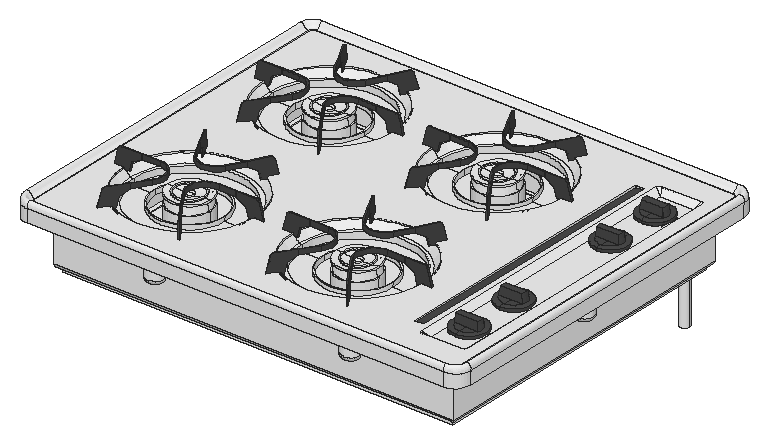
Revit family "QF_Summit_ZNL03P_Cooktop", category Specialty Equipment, Revit 2020
Family settings
  Round Connector Dimension = Use Diameter
  Part Type = Normal
  Work Plane-Based = No
  Always vertical = Yes
  Cut with Voids When Loaded = No
  Shared = No
  Room Calculation Point = No
Parameters
  Weight in Pounds = 27
  URL Cutsheet = ""
  Specification by User = ""
  Specification by Manufacturer = ""
  Serial Number = ""
  Seismic Rating = ""
  SMACNA No = ""
  Revision Code = ""
  Plumbing Remarks = ""
  Plumbing Connection Type = ""
  NAFEM Spec ID Number = ""
  Model = "ZNL03P"
  Masterspec = ""
  Manufacturer = "Summit"
  Length = 24"
  Item Number = ""
  Installed By = ""
  Identify Quantity as Lot = yes
  Height = 3 3/4"
  Gas Size = 0"
  Gas RI Height = 0"
  Gas KW = 0
  Gas Input = 9000.0 Btu/h
  Gas Connection Height = 0"
  Furnished By = ""
  Foodservice Equipment Identifier = yes
  Description = "Cooktop"
  Depth = 20"
  Default Elevation = 0"
  CSI MasterFormat = ""
Reference planes (in)
  plane 1 "BACK": y = 0
  plane 2: z = 0
  plane 3 "LEFT": x = 0
  plane 4 "RIGHT": x = 24
  plane 5 "FRONT": y = -20
  plane 6 "TOP": z = 3.75
  plane 7 "Center Y": x = 12
  plane 8 "Center X": y = -10
  plane 9: z = 2.75
  plane 10: z = 0.25
  plane 11: z = -2.75
Forms (in)
  Sweep 1, solid, material "QF_Metal_Chrome_Satin"
    path origin (0, 0, 3.74988) x (-1, 0, 0) y (0, -1, 0)
      loop
        line (-0.0625, 0.8125) -> (-0.0625, 19.1875)
        arc (-0.0625, 19.1875) -> (-0.28217, 19.71783) -> (-0.8125, 19.9375) r 0.75
        line (-0.8125, 19.9375) -> (-23.1875, 19.9375)
        arc (-23.1875, 19.9375) -> (-23.71783, 19.71783) -> (-23.9375, 19.1875) r 0.75
        line (-23.9375, 19.1875) -> (-23.9375, 0.8125)
        arc (-23.9375, 0.8125) -> (-23.71783, 0.28217) -> (-23.1875, 0.0625) r 0.75
        line (-23.1875, 0.0625) -> (-0.8125, 0.0625)
        arc (-0.8125, 0.0625) -> (-0.28217, 0.28217) -> (-0.0625, 0.8125) r 0.75
    profile origin (0.0625, -10, 3.74988) x (1, 0, 0) y (0, 0, 1)
      loop
        line (0.50007, -0.99988) -> (0.50007, -0.24988)
        spline (0.50007, -0.24988) -> (0.38683, -0.22526) -> (0.30986, -0.16677) -> (0.25459, -0.09746) -> (0.20654, -0.0403) -> (0.15715, -0.00897) -> (0.1083, -0.00102) -> (0.06291, -0.01235) -> (0.02367, -0.03905) -> (-0.00886, -0.07917) -> (-0.03532, -0.13183) -> (-0.05489, -0.20201) -> (-0.06266, -0.31115)
        line (-0.06266, -0.31115) -> (-0.06266, -0.99988) -> (0.50007, -0.99988)
  Extrusion 2, solid, material "QF_Metal_Chrome_Satin"
    sketch origin (23.1875, -0.5625, 3.24988) x (0, 1, 0) y (1, 0, 0)
      loop
        circle (-4.74127, -17.90956) r 3.49904
      loop
        line (-18.875, 0) -> (-18.875, -22.375)
        arc (-18.875, -22.375) -> (-18.80178, -22.55178) -> (-18.625, -22.625) r 0.25
        line (-18.625, -22.625) -> (-0.25, -22.625)
        arc (-0.25, -22.625) -> (-0.07322, -22.55178) -> (0, -22.375) r 0.25
        line (0, -22.375) -> (0, 0)
        arc (0, 0) -> (-0.07322, 0.17678) -> (-0.25, 0.25) r 0.25
        line (-0.25, 0.25) -> (-18.625, 0.25)
        arc (-18.625, 0.25) -> (-18.80178, 0.17678) -> (-18.875, 0) r 0.25
      loop
        circle (-4.74127, -8.85096) r 3.49904
      loop
        circle (-14.13373, -17.90956) r 3.49904
      loop
        circle (-14.13373, -8.85096) r 3.49904
    from 0.49988 to -0.25012
  Blend 3, void
    base sketch origin (23.18874, -0.56796, 3.54988) x (0, 1, 0) y (-1, 0, 0)
      loop
        arc (-1.25, 2.75) -> (-1.32322, 2.92678) -> (-1.5, 3) r 0.25
        line (-1.5, 3) -> (-17.375, 3)
        arc (-17.375, 3) -> (-17.55178, 2.92678) -> (-17.625, 2.75) r 0.25
        line (-17.625, 2.75) -> (-17.625, 0.5)
        arc (-17.625, 0.5) -> (-17.55178, 0.32322) -> (-17.375, 0.25) r 0.25
        line (-17.375, 0.25) -> (-1.5, 0.25)
        arc (-1.5, 0.25) -> (-1.32322, 0.32322) -> (-1.25, 0.5) r 0.25
        line (-1.25, 0.5) -> (-1.25, 2.75)
    top sketch origin (23.18874, -0.56796, 3.54988) x (0, 1, 0) y (-1, 0, 0)
      loop
        line (-1.71875, 2.53125) -> (-17.15625, 2.53125) -> (-17.15625, 0.71875) -> (-1.71875, 0.71875) -> (-1.71875, 2.53125)
    from 0.0625 to -0.31152
  Extrusion 4, void
    sketch origin (23.18874, -0.56796, 3.54988) x (0, 1, 0) y (-1, 0, 0)
      loop
        arc (-2, 3.5625) -> (-2.01831, 3.60669) -> (-2.0625, 3.625) r 0.0625
        line (-2.0625, 3.625) -> (-16.8125, 3.625)
        arc (-16.8125, 3.625) -> (-16.85669, 3.60669) -> (-16.875, 3.5625) r 0.0625
        line (-16.875, 3.5625) -> (-16.875, 3.1875)
        arc (-16.875, 3.1875) -> (-16.85669, 3.14331) -> (-16.8125, 3.125) r 0.0625
        line (-16.8125, 3.125) -> (-2.0625, 3.125)
        arc (-2.0625, 3.125) -> (-2.01831, 3.14331) -> (-2, 3.1875) r 0.0625
        line (-2, 3.1875) -> (-2, 3.5625)
    from 0.0625 to -0.125
  Revolve 5, solid, material "QF_Plastic_Black_Smooth"
    sketch origin (21.56528, -3, 0.23835) x (0, 1, 0) y (0, 0, 1)
      loop
        line (-0.75736, 3) -> (-0.50736, 3) -> (-0.50736, 3.07947) -> (0.15671, 3.07947) -> (0.15671, 3.2014)
        arc (0.15671, 3.2014) -> (0.03405, 3.23774) -> (-0.09329, 3.25) r 0.66737
        line (-0.09329, 3.25) -> (-0.75736, 3.25) -> (-0.75736, 3)
      axis (-0.75736, 3.25) -> (-0.75736, 3)
    angle from 0 to 360
  Blend 6, solid, material "QF_Plastic_Black_Smooth"
    base sketch origin (0, -3, 3.98835) x (-1, 0, 0) y (0, -1, 0)
      loop
        arc (-20.9318, 0.55812) -> (-20.90121, 0.75736) -> (-20.9318, 0.95659) r 0.66406
        line (-20.9318, 0.95659) -> (-22.19875, 0.95659)
        arc (-22.19875, 0.95659) -> (-22.22934, 0.75736) -> (-22.19875, 0.55812) r 0.66406
        line (-22.19875, 0.55812) -> (-20.9318, 0.55812)
    top sketch origin (0, -3, 3.98835) x (-1, 0, 0) y (0, -1, 0)
      loop
        arc (-20.98589, 0.57514) -> (-20.95791, 0.75736) -> (-20.98589, 0.93958) r 0.60736
        line (-20.98589, 0.93958) -> (-22.14466, 0.93958)
        arc (-22.14466, 0.93958) -> (-22.17264, 0.75736) -> (-22.14466, 0.57514) r 0.60736
        line (-22.14466, 0.57514) -> (-20.98589, 0.57514)
    from -0.5 to -0.05271
  Revolve 7, solid, material "QF_Plastic_Black_Smooth", not visible
    sketch origin (21.56528, -3, 0) x (0, 1, 0) y (0, 0, 1)
      loop
        line (-0.75736, 3) -> (-0.50736, 3) -> (-0.50736, 3.07947) -> (0.15671, 3.07947) -> (0.15671, 3.2014)
        arc (0.15671, 3.2014) -> (0.03405, 3.23774) -> (-0.09329, 3.25) r 0.66737
        line (-0.09329, 3.25) -> (-0.75736, 3.25) -> (-0.75736, 3)
      axis (-0.75736, 3.25) -> (-0.75736, 3)
    angle from 0 to 360
  Blend 8, solid, material "QF_Plastic_Black_Smooth", not visible
    base sketch origin (0, -3, 3.75) x (-1, 0, 0) y (0, -1, 0)
      loop
        arc (-20.9318, 0.55812) -> (-20.90121, 0.75736) -> (-20.9318, 0.95659) r 0.66406
        line (-20.9318, 0.95659) -> (-22.19875, 0.95659)
        arc (-22.19875, 0.95659) -> (-22.22934, 0.75736) -> (-22.19875, 0.55812) r 0.66406
        line (-22.19875, 0.55812) -> (-20.9318, 0.55812)
    top sketch origin (0, -3, 3.75) x (-1, 0, 0) y (0, -1, 0)
      loop
        arc (-20.98589, 0.57514) -> (-20.95791, 0.75736) -> (-20.98589, 0.93958) r 0.60736
        line (-20.98589, 0.93958) -> (-22.14466, 0.93958)
        arc (-22.14466, 0.93958) -> (-22.17264, 0.75736) -> (-22.14466, 0.57514) r 0.60736
        line (-22.14466, 0.57514) -> (-20.98589, 0.57514)
    from -0.5 to -0.05271
  Revolve 9, solid, material "QF_Plastic_Black_Smooth"
    sketch origin (21.56309, -3.00158, 0.23835) x (0, 1, 0) y (0, 0, 1)
      loop
        line (-3.75736, 3) -> (-3.50736, 3) -> (-3.50736, 3.07947) -> (-2.84329, 3.07947) -> (-2.84329, 3.2014)
        arc (-2.84329, 3.2014) -> (-2.96595, 3.23774) -> (-3.09329, 3.25) r 0.66737
        line (-3.09329, 3.25) -> (-3.75736, 3.25) -> (-3.75736, 3)
      axis (-3.75736, 3.25) -> (-3.75736, 3)
    angle from 0 to 360
  Blend 10, solid, material "QF_Plastic_Black_Smooth"
    base sketch origin (-0.00218, -3.00158, 3.98835) x (-1, 0, 0) y (0, -1, 0)
      loop
        arc (-20.9318, 3.55812) -> (-20.90121, 3.75736) -> (-20.9318, 3.95659) r 0.66406
        line (-20.9318, 3.95659) -> (-22.19875, 3.95659)
        arc (-22.19875, 3.95659) -> (-22.22934, 3.75736) -> (-22.19875, 3.55812) r 0.66406
        line (-22.19875, 3.55812) -> (-20.9318, 3.55812)
    top sketch origin (-0.00218, -3.00158, 3.98835) x (-1, 0, 0) y (0, -1, 0)
      loop
        arc (-20.98589, 3.57514) -> (-20.95791, 3.75736) -> (-20.98589, 3.93958) r 0.60736
        line (-20.98589, 3.93958) -> (-22.14466, 3.93958)
        arc (-22.14466, 3.93958) -> (-22.17264, 3.75736) -> (-22.14466, 3.57514) r 0.60736
        line (-22.14466, 3.57514) -> (-20.98589, 3.57514)
    from -0.5 to -0.05271
  Revolve 11, solid, material "QF_Plastic_Black_Smooth"
    sketch origin (21.56309, -6.00158, 0.23835) x (0, 1, 0) y (0, 0, 1)
      loop
        line (-10.24264, 3) -> (-10.24264, 3.25) -> (-10.90671, 3.25)
        arc (-10.90671, 3.25) -> (-11.03405, 3.23774) -> (-11.15671, 3.2014) r 0.66737
        line (-11.15671, 3.2014) -> (-11.15671, 3.07947) -> (-10.49264, 3.07947) -> (-10.49264, 3) -> (-10.24264, 3)
      axis (-10.24264, 3.25) -> (-10.24264, 3)
    angle from 0 to 360
  Blend 12, solid, material "QF_Plastic_Black_Smooth"
    base sketch origin (-0.00218, -6.00158, 3.98835) x (-1, 0, 0) y (0, -1, 0)
      loop
        line (-20.9318, 10.44188) -> (-22.19875, 10.44188)
        arc (-22.19875, 10.44188) -> (-22.22934, 10.24264) -> (-22.19875, 10.04341) r 0.66406
        line (-22.19875, 10.04341) -> (-20.9318, 10.04341)
        arc (-20.9318, 10.04341) -> (-20.90121, 10.24264) -> (-20.9318, 10.44188) r 0.66406
    top sketch origin (-0.00218, -6.00158, 3.98835) x (-1, 0, 0) y (0, -1, 0)
      loop
        line (-20.98589, 10.42486) -> (-22.14466, 10.42486)
        arc (-22.14466, 10.42486) -> (-22.17264, 10.24264) -> (-22.14466, 10.06042) r 0.60736
        line (-22.14466, 10.06042) -> (-20.98589, 10.06042)
        arc (-20.98589, 10.06042) -> (-20.95791, 10.24264) -> (-20.98589, 10.42486) r 0.60736
    from -0.5 to -0.05271
  Revolve 13, solid, material "QF_Plastic_Black_Smooth"
    sketch origin (21.56309, -3.00158, 0.23835) x (0, 1, 0) y (0, 0, 1)
      loop
        line (-10.24264, 3) -> (-10.24264, 3.25) -> (-10.90671, 3.25)
        arc (-10.90671, 3.25) -> (-11.03405, 3.23774) -> (-11.15671, 3.2014) r 0.66737
        line (-11.15671, 3.2014) -> (-11.15671, 3.07947) -> (-10.49264, 3.07947) -> (-10.49264, 3) -> (-10.24264, 3)
      axis (-10.24264, 3.25) -> (-10.24264, 3)
    angle from 0 to 360
  Blend 14, solid, material "QF_Plastic_Black_Smooth"
    base sketch origin (-0.00218, -3.00158, 3.98835) x (-1, 0, 0) y (0, -1, 0)
      loop
        line (-20.9318, 10.44188) -> (-22.19875, 10.44188)
        arc (-22.19875, 10.44188) -> (-22.22934, 10.24264) -> (-22.19875, 10.04341) r 0.66406
        line (-22.19875, 10.04341) -> (-20.9318, 10.04341)
        arc (-20.9318, 10.04341) -> (-20.90121, 10.24264) -> (-20.9318, 10.44188) r 0.66406
    top sketch origin (-0.00218, -3.00158, 3.98835) x (-1, 0, 0) y (0, -1, 0)
      loop
        line (-20.98589, 10.42486) -> (-22.14466, 10.42486)
        arc (-22.14466, 10.42486) -> (-22.17264, 10.24264) -> (-22.14466, 10.06042) r 0.60736
        line (-22.14466, 10.06042) -> (-20.98589, 10.06042)
        arc (-20.98589, 10.06042) -> (-20.95791, 10.24264) -> (-20.98589, 10.42486) r 0.60736
    from -0.5 to -0.05271
  Revolve 15, solid, material "QF_Plastic_Black_Smooth", not visible
    sketch origin (21.56528, -20.00316, 0) x (0, 1, 0) y (0, 0, 1)
      loop
        line (16.2458, 3) -> (16.4958, 3) -> (16.4958, 3.07947) -> (17.15986, 3.07947) -> (17.15986, 3.2014)
        arc (17.15986, 3.2014) -> (17.0372, 3.23774) -> (16.90986, 3.25) r 0.66737
        line (16.90986, 3.25) -> (16.2458, 3.25) -> (16.2458, 3)
      axis (16.2458, 3.25) -> (16.2458, 3)
    angle from 0 to 360
  Blend 16, solid, material "QF_Plastic_Black_Smooth", not visible
    base sketch origin (0, -20.00316, 3.75) x (-1, 0, 0) y (0, -1, 0)
      loop
        arc (-20.9318, -16.44503) -> (-20.90121, -16.2458) -> (-20.9318, -16.04657) r 0.66406
        line (-20.9318, -16.04657) -> (-22.19875, -16.04657)
        arc (-22.19875, -16.04657) -> (-22.22934, -16.2458) -> (-22.19875, -16.44503) r 0.66406
        line (-22.19875, -16.44503) -> (-20.9318, -16.44503)
    top sketch origin (0, -20.00316, 3.75) x (-1, 0, 0) y (0, -1, 0)
      loop
        arc (-20.98589, -16.42802) -> (-20.95791, -16.2458) -> (-20.98589, -16.06358) r 0.60736
        line (-20.98589, -16.06358) -> (-22.14466, -16.06358)
        arc (-22.14466, -16.06358) -> (-22.17264, -16.2458) -> (-22.14466, -16.42802) r 0.60736
        line (-22.14466, -16.42802) -> (-20.98589, -16.42802)
    from -0.5 to -0.05271
  Extrusion 17, solid, material "QF_Metal_Chrome_Satin"
    sketch origin (9.68847, 8.08075, 0) x (-1, 0, 0) y (0, 1, 0)
      loop
        circle (-12, -10) r 0.25
    from -0.25 to 2.75
  Sweep 18, solid, material "QF_Metal_Chrome_Satin"
    path origin (0, 0, 0) x (1, 0, 0) y (0, 1, 0)
      loop
        line (22.75, -1.25) -> (1.25, -1.25) -> (1.25, -18.75) -> (22.75, -18.75) -> (22.75, -1.25)
    profile origin (22.75, -10, 0) x (1, 0, 0) y (0, 0, 1)
      loop
        line (-0.25, 0) -> (-0.25, 0.25) -> (-0.13174, 0.25)
        arc (-0.13174, 0.25) -> (-0.03859, 0.28859) -> (0, 0.38174) r 0.13174
        line (0, 0.38174) -> (0, 2.75) -> (-0.125, 2.75) -> (-0.125, 0.375) -> (-0.375, 0.375) -> (-0.375, 0) -> (-0.25, 0)
  Extrusion 19, solid, material "QF_Metal_Chrome_Satin"
    sketch origin (22.375, -1.625, 0.375) x (0, -1, 0) y (1, 0, 0)
      loop
        line (0, -20.75) -> (16.75, -20.75) -> (16.75, 0) -> (0, 0) -> (0, -20.75)
    from 0 to -0.125
  Extrusion 20, solid, material "QF_Metal_Chrome_Satin"
    sketch origin (22.375, -1.625, 0.25) x (1, 0, 0) y (0, -1, 0)
      loop
        circle (-1.43653, 0.29425) r 0.25
    from 0 to 0.0625
  Revolve 21, solid, material "QF_Metal_Chrome_Satin"
    sketch origin (0, -10, 0) x (1, 0, 0) y (0, 0, 1)
      loop
        line (1.25, 2.75) -> (0.75, 2.75) -> (0.75, 1.75)
        arc (0.75, 1.75) -> (0.8255, 1.58445) -> (1, 1.5329) r 0.21926
        line (1, 1.5329) -> (1.25, 1.5329) -> (1.25, 2.75)
      axis (1.25, 1.5329) -> (1.25, 2.75)
    angle from -90 to 90
  Revolve 22, solid, material "QF_Metal_Chrome_Satin"
    sketch origin (24, -10, 0) x (-1, 0, 0) y (0, 0, -1)
      loop
        line (1.25, -2.75) -> (1.25, -1.5329) -> (1, -1.5329)
        arc (1, -1.5329) -> (0.8255, -1.58445) -> (0.75, -1.75) r 0.21926
        line (0.75, -1.75) -> (0.75, -2.75) -> (1.25, -2.75)
      axis (1.25, -1.5329) -> (1.25, -2.75)
    angle from -90 to 90
  Revolve 23, solid, material "QF_Metal_Chrome_Satin"
    sketch origin (18.44698, -1.25, 0) x (-1, 0, 0) y (0, 0, -1)
      loop
        line (1.25, -2.75) -> (1.25, -1.5329) -> (1, -1.5329)
        arc (1, -1.5329) -> (0.8255, -1.58445) -> (0.75, -1.75) r 0.21926
        line (0.75, -1.75) -> (0.75, -2.75) -> (1.25, -2.75)
      axis (1.25, -1.5329) -> (1.25, -2.75)
    angle from 0 to 180
  Revolve 24, solid, material "QF_Metal_Chrome_Satin"
    sketch origin (7.94698, -1.25, 0) x (-1, 0, 0) y (0, 0, -1)
      loop
        line (1.25, -2.75) -> (1.25, -1.5329) -> (1, -1.5329)
        arc (1, -1.5329) -> (0.8255, -1.58445) -> (0.75, -1.75) r 0.21926
        line (0.75, -1.75) -> (0.75, -2.75) -> (1.25, -2.75)
      axis (1.25, -1.5329) -> (1.25, -2.75)
    angle from 0 to 180
  Revolve 25, solid, material "QF_Metal_Chrome_Satin"
    sketch origin (18.44698, -18.75, 0) x (-1, 0, 0) y (0, 0, 1)
      loop
        line (1.25, 2.75) -> (0.75, 2.75) -> (0.75, 1.75)
        arc (0.75, 1.75) -> (0.8255, 1.58445) -> (1, 1.5329) r 0.21926
        line (1, 1.5329) -> (1.25, 1.5329) -> (1.25, 2.75)
      axis (1.25, 1.5329) -> (1.25, 2.75)
    angle from 0 to 180
  Revolve 26, solid, material "QF_Metal_Chrome_Satin"
    sketch origin (7.94698, -18.75, 0) x (-1, 0, 0) y (0, 0, 1)
      loop
        line (1.25, 2.75) -> (0.75, 2.75) -> (0.75, 1.75)
        arc (0.75, 1.75) -> (0.8255, 1.58445) -> (1, 1.5329) r 0.21926
        line (1, 1.5329) -> (1.25, 1.5329) -> (1.25, 2.75)
      axis (1.25, 1.5329) -> (1.25, 2.75)
    angle from 0 to 180
Cuts and joins
  Blend 3, Extrusion 4 cuts Extrusion 2
Lines and regions (in)
  symbolic lines
    curve 1: arc (21.56528, -2.84329, 3.98835) -> (20.65121, -3.75736, 3.98835) -> (21.56528, -4.67142, 3.98835) r 0.91406
    curve 2: arc (21.56528, -4.67142, 3.98835) -> (22.47934, -3.75736, 3.98835) -> (21.56528, -2.84329, 3.98835) r 0.91406
    curve 3: line (20.9318, -3.55812, 3.98835) -> (22.19875, -3.55812, 3.98835)
    curve 4: line (22.19875, -3.95659, 3.98835) -> (20.9318, -3.95659, 3.98835)
    curve 5: arc (20.9318, -3.55812, 3.98835) -> (20.90121, -3.75736, 3.98835) -> (20.9318, -3.95659, 3.98835) r 0.66406
    curve 6: arc (22.19875, -3.95659, 3.98835) -> (22.22934, -3.75736, 3.98835) -> (22.19875, -3.55812, 3.98835) r 0.66406
    curve 13: arc (21.56309, -5.84487, 3.98835) -> (20.64903, -6.75893, 3.98835) -> (21.56309, -7.673, 3.98835) r 0.91406
    curve 14: arc (21.56309, -7.673, 3.98835) -> (22.47716, -6.75893, 3.98835) -> (21.56309, -5.84487, 3.98835) r 0.91406
    curve 15: line (20.92962, -6.5597, 3.98835) -> (22.19657, -6.5597, 3.98835)
    curve 16: line (22.19657, -6.95817, 3.98835) -> (20.92962, -6.95817, 3.98835)
    curve 17: arc (20.92962, -6.5597, 3.98835) -> (20.89903, -6.75893, 3.98835) -> (20.92962, -6.95817, 3.98835) r 0.66406
    curve 18: arc (22.19657, -6.95817, 3.98835) -> (22.22716, -6.75893, 3.98835) -> (22.19657, -6.5597, 3.98835) r 0.66406
    curve 19: arc (21.56309, -17.15828, 3.98835) -> (20.64903, -16.24422, 3.98835) -> (21.56309, -15.33016, 3.98835) r 0.91406
    curve 20: arc (21.56309, -15.33016, 3.98835) -> (22.47716, -16.24422, 3.98835) -> (21.56309, -17.15828, 3.98835) r 0.91406
    curve 21: line (20.92962, -16.44345, 3.98835) -> (22.19657, -16.44345, 3.98835)
    curve 22: line (22.19657, -16.04499, 3.98835) -> (20.92962, -16.04499, 3.98835)
    curve 23: arc (20.92962, -16.44345, 3.98835) -> (20.89903, -16.24422, 3.98835) -> (20.92962, -16.04499, 3.98835) r 0.66406
    curve 24: arc (22.19657, -16.04499, 3.98835) -> (22.22716, -16.24422, 3.98835) -> (22.19657, -16.44345, 3.98835) r 0.66406
    curve 25: arc (21.56309, -14.15828, 3.98835) -> (20.64903, -13.24422, 3.98835) -> (21.56309, -12.33016, 3.98835) r 0.91406
    curve 26: arc (21.56309, -12.33016, 3.98835) -> (22.47716, -13.24422, 3.98835) -> (21.56309, -14.15828, 3.98835) r 0.91406
    curve 27: line (20.92962, -13.44345, 3.98835) -> (22.19657, -13.44345, 3.98835)
    curve 28: line (22.19657, -13.04499, 3.98835) -> (20.92962, -13.04499, 3.98835)
    curve 29: arc (20.92962, -13.44345, 3.98835) -> (20.89903, -13.24422, 3.98835) -> (20.92962, -13.04499, 3.98835) r 0.66406
    curve 30: arc (22.19657, -13.04499, 3.98835) -> (22.22716, -13.24422, 3.98835) -> (22.19657, -13.44345, 3.98835) r 0.66406
    curve 37: line (0.5625, -0.8125, 0) -> (0.5625, -19.1875, 0)
    curve 38: line (23.1875, -0.5625, 0) -> (0.8125, -0.5625, 0)
    curve 39: arc (0.5625, -0.8125, 0) -> (0.63572, -0.63572, 0) -> (0.8125, -0.5625, 0) r 0.25
    curve 40: arc (23.1875, -0.5625, 0) -> (23.36428, -0.63572, 0) -> (23.4375, -0.8125, 0) r 0.25
    curve 41: line (23.4375, -19.1875, 0) -> (23.4375, -0.8125, 0)
    curve 42: line (22.46999, -2.28671, 0) -> (20.65749, -2.28671, 0)
    curve 43: line (20.65749, -2.28671, 0) -> (20.65749, -17.72421, 0)
    curve 44: line (20.65749, -17.72421, 0) -> (22.46999, -17.72421, 0)
    curve 45: line (22.46999, -17.72421, 0) -> (22.46999, -2.28671, 0)
    curve 46: line (20.50446, -1.9588, 0) -> (22.62302, -1.9588, 0)
    curve 47: arc (22.62302, -1.9588, 0) -> (22.74668, -2.01002, 0) -> (22.7979, -2.13368, 0) r 0.17489
    curve 48: line (22.7979, -2.13368, 0) -> (22.7979, -17.87723, 0)
    curve 49: arc (22.7979, -17.87723, 0) -> (22.74668, -18.0009, 0) -> (22.62302, -18.05212, 0) r 0.17489
    curve 50: line (22.62302, -18.05212, 0) -> (20.50446, -18.05212, 0)
    curve 51: arc (20.50446, -18.05212, 0) -> (20.3808, -18.0009, 0) -> (20.32958, -17.87723, 0) r 0.17489
    curve 52: line (20.32958, -17.87723, 0) -> (20.32958, -2.13368, 0)
    curve 53: arc (20.32958, -2.13368, 0) -> (20.3808, -2.01002, 0) -> (20.50446, -1.9588, 0) r 0.17489
    curve 54: line (19.56374, -17.38046, 0) -> (19.56374, -2.63046, 0)
    curve 55: arc (19.56374, -2.63046, 0) -> (19.58205, -2.58626, 0) -> (19.62624, -2.56796, 0) r 0.0625
    curve 56: line (19.62624, -2.56796, 0) -> (20.00124, -2.56796, 0)
    curve 57: arc (20.00124, -2.56796, 0) -> (20.04543, -2.58626, 0) -> (20.06374, -2.63046, 0) r 0.0625
    curve 58: line (20.06374, -2.63046, 0) -> (20.06374, -17.38046, 0)
    curve 59: arc (20.06374, -17.38046, 0) -> (20.04543, -17.42465, 0) -> (20.00124, -17.44296, 0) r 0.0625
    curve 60: line (20.00124, -17.44296, 0) -> (19.62624, -17.44296, 0)
    curve 61: arc (19.62624, -17.44296, 0) -> (19.58205, -17.42465, 0) -> (19.56374, -17.38046, 0) r 0.0625
    curve 62: line (0.8125, -19.4375, 0) -> (23.1875, -19.4375, 0)
    curve 63: arc (23.4375, -19.1875, 0) -> (23.36428, -19.36428, 0) -> (23.1875, -19.4375, 0) r 0.25
    curve 64: arc (0.8125, -19.4375, 0) -> (0.63572, -19.36428, 0) -> (0.5625, -19.1875, 0) r 0.25
    curve 65: line (-0.00016, -19.1875, 0) -> (-0.00016, -0.8125, 0)
    curve 66: arc (-0.00016, -0.8125, 0) -> (0.23786, -0.23786, 0) -> (0.8125, 0.00016, 0) r 0.81266
    curve 67: line (0.8125, 0.00016, 0) -> (23.1875, 0.00016, 0)
    curve 68: arc (23.1875, 0.00016, 0) -> (23.76214, -0.23786, 0) -> (24.00016, -0.8125, 0) r 0.81266
    curve 69: line (24.00016, -0.8125, 0) -> (24.00016, -19.1875, 0)
    curve 70: arc (24.00016, -19.1875, 0) -> (23.76214, -19.76214, 0) -> (23.1875, -20.00016, 0) r 0.81266
    curve 71: line (23.1875, -20.00016, 0) -> (0.8125, -20.00016, 0)
    curve 72: arc (0.8125, -20.00016, 0) -> (0.23786, -19.76214, 0) -> (-0.00016, -19.1875, 0) r 0.81266
  symbolic lines, not visible
    curve 7: arc (21.56528, -2.84329, 3.75) -> (20.65121, -3.75736, 3.75) -> (21.56528, -4.67142, 3.75) r 0.91406
    curve 8: arc (21.56528, -4.67142, 3.75) -> (22.47934, -3.75736, 3.75) -> (21.56528, -2.84329, 3.75) r 0.91406
    curve 9: line (20.9318, -3.55812, 3.75) -> (22.19875, -3.55812, 3.75)
    curve 10: line (22.19875, -3.95659, 3.75) -> (20.9318, -3.95659, 3.75)
    curve 11: arc (20.9318, -3.55812, 3.75) -> (20.90121, -3.75736, 3.75) -> (20.9318, -3.95659, 3.75) r 0.66406
    curve 12: arc (22.19875, -3.95659, 3.75) -> (22.22934, -3.75736, 3.75) -> (22.19875, -3.55812, 3.75) r 0.66406
    curve 31: arc (21.56528, -2.84329, 3.75) -> (20.65121, -3.75736, 3.75) -> (21.56528, -4.67142, 3.75) r 0.91406
    curve 32: arc (21.56528, -4.67142, 3.75) -> (22.47934, -3.75736, 3.75) -> (21.56528, -2.84329, 3.75) r 0.91406
    curve 33: line (20.9318, -3.55812, 3.75) -> (22.19875, -3.55812, 3.75)
    curve 34: line (22.19875, -3.95659, 3.75) -> (20.9318, -3.95659, 3.75)
    curve 35: arc (20.9318, -3.55812, 3.75) -> (20.90121, -3.75736, 3.75) -> (20.9318, -3.95659, 3.75) r 0.66406
    curve 36: arc (22.19875, -3.95659, 3.75) -> (22.22934, -3.75736, 3.75) -> (22.19875, -3.55812, 3.75) r 0.66406
Dimensions and locks (in)
  equal spacing: plane 3 "LEFT", plane 7 "Center Y", plane 4 "RIGHT"
  "Length": plane 3 "LEFT" to plane 4 "RIGHT"
  equal spacing: plane 5 "FRONT", plane 8 "Center X", plane 1 "BACK"
  "Depth": plane 5 "FRONT" to plane 1 "BACK"
  "Height": plane 6 "TOP" to level
  plane 9 to plane 10 = 2 1/2"
  plane 10 to plane 11 = 3"
  plane 6 "TOP" to plane 9 = 1"
  aligned and locked: level to plane 2
Automatic sketch dimensions
  Blend 6 sketch curve to Blend 6 sketch curve = 0.63347"  (x2)
  Blend 6 sketch curve to Blend 6 sketch curve = 51/256"
  Blend 6 sketch curve to Blend 6 sketch curve = 0"  (x10)
  Blend 6 sketch curve to Blend 6 sketch curve = 0.57938"  (x2)
  Blend 6 sketch curve to Blend 6 sketch curve = 0.18222"
  curve 4 to curve 1 = 0.63347"
  curve 3 to curve 1 = 51/256"
  curve 2 to curve 5 = 183/256"
  curve 3 to curve 4 = 0"
  curve 2 to curve 3 = 0.63347"
  curve 2 to curve 5 = 0"  (x4)
  curve 2 to curve 6 = 0"  (x3)
  curve 5 to curve 6 = 0"  (x3)
  curve 1 to curve 2 = 0"  (x2)
  curve 1 to curve 5 = 0"  (x2)
  curve 1 to curve 6 = 0"  (x2)
  Blend 8 sketch curve to Blend 8 sketch curve = 0.63347"  (x2)
  Blend 8 sketch curve to Blend 8 sketch curve = 51/256"
  Blend 8 sketch curve to Blend 8 sketch curve = 0"  (x10)
  Blend 8 sketch curve to Blend 8 sketch curve = 0.57938"  (x2)
  Blend 8 sketch curve to Blend 8 sketch curve = 0.18222"
  curve 10 to curve 7 = 0.63347"
  curve 9 to curve 7 = 51/256"
  curve 8 to curve 11 = 183/256"
  curve 9 to curve 10 = 0"
  curve 8 to curve 9 = 0.63347"
  curve 8 to curve 11 = 0"  (x4)
  curve 8 to curve 12 = 0"  (x3)
  curve 11 to curve 12 = 0"  (x3)
  curve 7 to curve 8 = 0"  (x2)
  curve 7 to curve 11 = 0"  (x2)
  curve 7 to curve 12 = 0"  (x2)
  Revolve 9 sketch curve to Revolve 9 sketch curve = 1/4"  (x2)
  Revolve 9 sketch curve to Revolve 9 sketch curve = 53/128"
  Revolve 9 sketch curve to Revolve 9 sketch curve = 85/128"
  Revolve 9 sketch curve to Revolve 9 sketch curve = 0"
  Revolve 9 sketch curve to Revolve 9 sketch curve = 0.12193"
  Blend 10 sketch curve to Blend 10 sketch curve = 0.63347"  (x2)
  Blend 10 sketch curve to Blend 10 sketch curve = 51/256"
  Blend 10 sketch curve to Blend 10 sketch curve = 0"  (x10)
  Blend 10 sketch curve to Blend 10 sketch curve = 0.57938"  (x2)
  Blend 10 sketch curve to Blend 10 sketch curve = 0.18222"
  Revolve 9 sketch curve to Revolve 9 sketch curve = 0.41737"
  Revolve 9 sketch curve to Revolve 9 sketch curve = 0.07947"
  Revolve 9 sketch curve to Revolve 9 sketch curve = 0.30818"
  Revolve 11 sketch curve to Revolve 11 sketch curve = 1/4"  (x2)
  Revolve 11 sketch curve to Revolve 11 sketch curve = 53/128"
  Revolve 11 sketch curve to Revolve 11 sketch curve = 85/128"
  Revolve 11 sketch curve to Revolve 11 sketch curve = 0"
  Revolve 11 sketch curve to Revolve 11 sketch curve = 0.12193"
  Blend 12 sketch curve to Blend 12 sketch curve = 0.63347"  (x2)
  Blend 12 sketch curve to Blend 12 sketch curve = 51/256"
  Blend 12 sketch curve to Blend 12 sketch curve = 0"  (x10)
  Blend 12 sketch curve to Blend 12 sketch curve = 0.57938"  (x2)
  Blend 12 sketch curve to Blend 12 sketch curve = 0.18222"
  Revolve 11 sketch curve to Revolve 11 sketch curve = 0.41737"
  Revolve 11 sketch curve to Revolve 11 sketch curve = 0.07947"
  Revolve 11 sketch curve to Revolve 11 sketch curve = 0.30818"
  Revolve 13 sketch curve to Revolve 13 sketch curve = 1/4"  (x2)
  Revolve 13 sketch curve to Revolve 13 sketch curve = 53/128"
  Revolve 13 sketch curve to Revolve 13 sketch curve = 85/128"
  Revolve 13 sketch curve to Revolve 13 sketch curve = 0"
  Revolve 13 sketch curve to Revolve 13 sketch curve = 0.12193"
  Blend 14 sketch curve to Blend 14 sketch curve = 0.63347"  (x2)
  Blend 14 sketch curve to Blend 14 sketch curve = 51/256"
  Blend 14 sketch curve to Blend 14 sketch curve = 0"  (x10)
  Blend 14 sketch curve to Blend 14 sketch curve = 0.57938"  (x2)
  Blend 14 sketch curve to Blend 14 sketch curve = 0.18222"
  Revolve 13 sketch curve to Revolve 13 sketch curve = 0.41737"
  Revolve 13 sketch curve to Revolve 13 sketch curve = 0.07947"
  Revolve 13 sketch curve to Revolve 13 sketch curve = 0.30818"
  curve 16 to curve 13 = 0.63347"
  curve 15 to curve 13 = 51/256"
  curve 14 to curve 17 = 183/256"
  curve 15 to curve 16 = 0"
  curve 14 to curve 15 = 0.63347"
  curve 14 to curve 17 = 0"  (x4)
  curve 14 to curve 18 = 0"  (x3)
  curve 17 to curve 18 = 0"  (x3)
  curve 13 to curve 14 = 0"  (x2)
  curve 13 to curve 17 = 0"  (x2)
  curve 13 to curve 18 = 0"  (x2)
  curve 22 to curve 19 = 0.63347"
  curve 19 to curve 21 = 51/256"
  curve 23 to curve 20 = 183/256"
  curve 21 to curve 22 = 0"
  curve 20 to curve 21 = 0.63347"
  curve 20 to curve 23 = 0"  (x4)
  curve 20 to curve 24 = 0"  (x3)
  curve 23 to curve 24 = 0"  (x3)
  curve 19 to curve 20 = 0"  (x2)
  curve 19 to curve 23 = 0"  (x2)
  curve 19 to curve 24 = 0"  (x2)
  curve 28 to curve 25 = 0.63347"
  curve 25 to curve 27 = 51/256"
  curve 29 to curve 26 = 183/256"
  curve 27 to curve 28 = 0"
  curve 26 to curve 27 = 0.63347"
  curve 26 to curve 29 = 0"  (x4)
  curve 26 to curve 30 = 0"  (x3)
  curve 29 to curve 30 = 0"  (x3)
  curve 25 to curve 26 = 0"  (x2)
  curve 25 to curve 29 = 0"  (x2)
  curve 25 to curve 30 = 0"  (x2)
  Revolve 15 sketch curve to Revolve 15 sketch curve = 1/4"  (x2)
  Revolve 15 sketch curve to Revolve 15 sketch curve = 53/128"
  Revolve 15 sketch curve to Revolve 15 sketch curve = 85/128"
  Revolve 15 sketch curve to Revolve 15 sketch curve = 0"
  Revolve 15 sketch curve to Revolve 15 sketch curve = 0.12193"
  Blend 16 sketch curve to Blend 16 sketch curve = 0.63347"  (x2)
  Blend 16 sketch curve to Blend 16 sketch curve = 51/256"
  Blend 16 sketch curve to Blend 16 sketch curve = 0"  (x10)
  Blend 16 sketch curve to Blend 16 sketch curve = 0.57938"  (x2)
  Blend 16 sketch curve to Blend 16 sketch curve = 0.18222"
  Revolve 15 sketch curve to Revolve 15 sketch curve = 0.41737"
  Revolve 15 sketch curve to Revolve 15 sketch curve = 0.07947"
  Revolve 15 sketch curve to Revolve 15 sketch curve = 0.30818"
  curve 34 to curve 31 = 0.63347"
  curve 33 to curve 31 = 51/256"
  curve 32 to curve 35 = 183/256"
  curve 33 to curve 34 = 0"
  curve 32 to curve 33 = 0.63347"
  curve 32 to curve 35 = 0"  (x4)
  curve 32 to curve 36 = 0"  (x3)
  curve 35 to curve 36 = 0"  (x3)
  curve 31 to curve 32 = 0"  (x2)
  curve 31 to curve 35 = 0"  (x2)
  curve 31 to curve 36 = 0"  (x2)
  Revolve 5 sketch curve to Revolve 5 sketch curve = 1/4"  (x2)
  Revolve 5 sketch curve to Revolve 5 sketch curve = 53/128"
  Revolve 5 sketch curve to Revolve 5 sketch curve = 0.41737"
  Revolve 5 sketch curve to Revolve 5 sketch curve = 0.07947"
  Revolve 5 sketch curve to Revolve 5 sketch curve = 0.12193"
  Revolve 5 sketch curve to Revolve 5 sketch curve = 0"  (x2)
  Revolve 5 sketch curve to Revolve 5 sketch curve = 0.30818"
  Revolve 7 sketch curve to Revolve 7 sketch curve = 1/4"  (x2)
  Revolve 7 sketch curve to Revolve 7 sketch curve = 53/128"
  Revolve 7 sketch curve to Revolve 7 sketch curve = 0.41737"
  Revolve 7 sketch curve to Revolve 7 sketch curve = 0.07947"
  Revolve 7 sketch curve to Revolve 7 sketch curve = 0.12193"
  Revolve 7 sketch curve to Revolve 7 sketch curve = 0"  (x2)
  Revolve 7 sketch curve to Revolve 7 sketch curve = 0.30818"
  plane 4 "RIGHT" to Sweep 1 sketch curve = 1/16"
  Sweep 1 sketch curve to Sweep 1 sketch curve = 3/4"
  Sweep 1 sketch curve to plane 5 "FRONT" = 1/16"
  plane 4 "RIGHT" to Sweep 1 sketch curve = 13/16"
  plane 3 "LEFT" to Sweep 1 sketch curve = 13/16"  (x2)
  plane 3 "LEFT" to Sweep 1 sketch curve = 1/16"
  plane 1 "BACK" to Sweep 1 sketch curve = 13/16"
  profile plane to Sweep 1 sketch curve = 0.06266"
  Sweep 1 sketch curve to profile plane = 0.50007"
  Sweep 1 sketch curve to profile plane = 0.99988"
  Sweep 1 sketch curve to profile plane = 0.31115"
  Sweep 1 sketch curve to profile plane = 0.24988"
  Extrusion 2 sketch curve to plane 5 "FRONT" = 9/16"
  Extrusion 2 sketch curve to Extrusion 2 sketch curve = 1/4"  (x3)
  Extrusion 2 sketch curve to plane 8 "Center X" = 4.69623"  (x2)
  plane 7 "Center Y" to Extrusion 2 sketch curve = 2.33654"  (x2)
  plane 8 "Center X" to Extrusion 2 sketch curve = 4.69623"  (x2)
  plane 1 "BACK" to Extrusion 2 sketch curve = 13/16"  (x2)
  plane 4 "RIGHT" to Extrusion 2 sketch curve = 13/16"
  plane 3 "LEFT" to Extrusion 2 sketch curve = 5.27794"  (x2)
  plane 3 "LEFT" to Extrusion 2 sketch curve = 13/16"
  Blend 3 sketch curve to plane 5 "FRONT" = 1.80704"
  Blend 3 sketch curve to Blend 3 sketch curve = 1/4"  (x3)
  plane 4 "RIGHT" to Blend 3 sketch curve = 1.31126"
  plane 1 "BACK" to Blend 3 sketch curve = 2.06796"  (x2)
  Blend 3 sketch curve to Blend 3 sketch curve = 2 1/4"
  Blend 3 sketch curve to plane 5 "FRONT" = 2.27579"
  plane 1 "BACK" to Blend 3 sketch curve = 2.28671"
  plane 4 "RIGHT" to Blend 3 sketch curve = 1.53001"
  Blend 3 sketch curve to Blend 3 sketch curve = 1 13/16"
  Extrusion 4 sketch curve to plane 5 "FRONT" = 2.55704"
  Extrusion 4 sketch curve to Extrusion 4 sketch curve = 1/16"  (x3)
  plane 1 "BACK" to Extrusion 4 sketch curve = 2.63046"
  Extrusion 4 sketch curve to Extrusion 4 sketch curve = 0"
  plane 4 "RIGHT" to Extrusion 4 sketch curve = 3.93626"
  Extrusion 4 sketch curve to Extrusion 4 sketch curve = 3/8"
  plane 4 "RIGHT" to Extrusion 17 sketch curve = 2.31153"
  plane 1 "BACK" to Extrusion 17 sketch curve = 1.91925"
  plane 3 "LEFT" to Sweep 18 sketch curve = 1 1/4"
  plane 4 "RIGHT" to Sweep 18 sketch curve = 1 1/4"
  Sweep 18 sketch curve to plane 5 "FRONT" = 1 1/4"
  plane 1 "BACK" to Sweep 18 sketch curve = 1 1/4"
  Sweep 18 sketch curve to level = 0"
  profile plane to Sweep 18 sketch curve = 0"
  profile plane to Sweep 18 sketch curve = 1/8"
  Sweep 18 sketch curve to Sweep 18 sketch curve = 0.00674"
  profile plane to Sweep 18 sketch curve = 1/4"
  Sweep 18 sketch curve to Sweep 18 sketch curve = 1/8"  (x2)
  level to Sweep 18 sketch curve = 1/4"
  Sweep 18 sketch curve to Sweep 18 sketch curve = 2.36826"
  Extrusion 19 sketch curve to Sweep 18 = 0"  (x4)
  Extrusion 20 sketch curve to Extrusion 20 sketch curve = 0"  (x2)
  Extrusion 19 to Extrusion 20 sketch curve = 0.29425"
  Extrusion 19 to Extrusion 20 sketch curve = 1.43653"
  Extrusion 20 sketch curve to Extrusion 20 sketch curve = 1/4"
  Revolve 21 sketch curve to plane 9 = 0"  (x2)
  plane 3 "LEFT" to Revolve 21 sketch curve = 3/4"
  Revolve 21 sketch curve to Revolve 21 sketch curve = 0.21926"
  Revolve 21 sketch curve to Revolve 21 sketch curve = 0.03074"
  Revolve 21 sketch curve to Revolve 21 sketch curve = 1/4"
  Revolve 21 sketch curve to plane 9 = 1"
  Revolve 21 sketch curve to Revolve 21 sketch curve = 0"
  plane 9 to Revolve 21 sketch curve = 0.41303"
  Revolve 22 sketch curve to plane 9 = 0"  (x2)
  plane 4 "RIGHT" to Revolve 22 sketch curve = 3/4"
  Revolve 22 sketch curve to Revolve 22 sketch curve = 0.21926"
  Revolve 22 sketch curve to Revolve 22 sketch curve = 0.03074"
  Revolve 22 sketch curve to Revolve 22 sketch curve = 1/4"
  Revolve 22 sketch curve to plane 9 = 1"
  Revolve 22 sketch curve to Revolve 22 sketch curve = 0"
  Revolve 22 sketch curve to Revolve 22 sketch curve = 0.41303"
  Revolve 23 sketch curve to plane 9 = 0"  (x2)
  Revolve 23 sketch curve to plane 9 = 1"
  plane 7 "Center Y" to Revolve 23 sketch curve = 5.69698"
  Revolve 23 sketch curve to Revolve 23 sketch curve = 0.21926"
  Revolve 23 sketch curve to Revolve 23 sketch curve = 0.03074"
  Revolve 23 sketch curve to Revolve 23 sketch curve = 1/4"
  Revolve 23 sketch curve to Revolve 23 sketch curve = 0"
  Revolve 23 sketch curve to Revolve 23 sketch curve = 0.41303"
  Revolve 24 sketch curve to plane 9 = 0"  (x2)
  Revolve 24 sketch curve to plane 9 = 1"
  Revolve 24 sketch curve to plane 7 "Center Y" = 4.80302"
  Revolve 24 sketch curve to Revolve 24 sketch curve = 0.21926"
  Revolve 24 sketch curve to Revolve 24 sketch curve = 0.03074"
  Revolve 24 sketch curve to Revolve 24 sketch curve = 1/4"
  Revolve 24 sketch curve to Revolve 24 sketch curve = 0"
  Revolve 24 sketch curve to Revolve 24 sketch curve = 0.41303"
  Revolve 25 sketch curve to plane 9 = 0"  (x2)
  Revolve 25 sketch curve to plane 9 = 1"
  plane 7 "Center Y" to Revolve 25 sketch curve = 5.69698"
  Revolve 25 sketch curve to Revolve 25 sketch curve = 0.21926"
  Revolve 25 sketch curve to Revolve 25 sketch curve = 0.03074"
  Revolve 25 sketch curve to Revolve 25 sketch curve = 1/4"
  Revolve 25 sketch curve to Revolve 25 sketch curve = 0"
  plane 9 to Revolve 25 sketch curve = 0.41303"
  Revolve 26 sketch curve to plane 9 = 0"  (x2)
  Revolve 26 sketch curve to plane 9 = 1"
  Revolve 26 sketch curve to plane 7 "Center Y" = 4.80302"
  Revolve 26 sketch curve to Revolve 26 sketch curve = 0.21926"
  Revolve 26 sketch curve to Revolve 26 sketch curve = 0.03074"
  Revolve 26 sketch curve to Revolve 26 sketch curve = 1/4"
  Revolve 26 sketch curve to Revolve 26 sketch curve = 0"
  plane 9 to Revolve 26 sketch curve = 0.41303"
  curve 39 to curve 66 = 0"  (x2)
  curve 40 to curve 68 = 0"  (x2)
  curve 63 to curve 70 = 0"  (x2)
  curve 64 to curve 72 = 0"
  curve 65 to plane 3 "LEFT" = 0.00016"
  plane 3 "LEFT" to curve 37 = 9/16"
  curve 37 to curve 38 = 1/4"
  curve 64 to curve 64 = 1/4"
  plane 4 "RIGHT" to curve 54 = 4.43626"
  curve 54 to curve 61 = 1/16"
  curve 54 to curve 56 = 1/16"
  curve 60 to curve 60 = 3/8"
  curve 55 to curve 57 = 3/8"
  curve 59 to curve 58 = 1/16"
  curve 56 to curve 52 = 0.32834"
  curve 51 to curve 51 = 0.17489"
  curve 53 to curve 46 = 0.17489"
  curve 51 to curve 43 = 0.15303"
  plane 4 "RIGHT" to curve 44 = 1.53001"
  curve 42 to curve 47 = 0.15303"  (x2)
  curve 44 to curve 50 = 0.15303"
  curve 47 to curve 48 = 0.17489"
  plane 4 "RIGHT" to curve 40 = 13/16"
  plane 5 "FRONT" to curve 71 = 0.00016"
  plane 4 "RIGHT" to curve 71 = 13/16"
  curve 40 to curve 41 = 1/4"
  curve 50 to plane 5 "FRONT" = 1.94788"
  curve 49 to curve 44 = 0.15303"
  curve 52 to curve 60 = 0.43428"
  plane 1 "BACK" to curve 55 = 2.63046"
  curve 57 to curve 43 = 11/32"
  plane 1 "BACK" to curve 68 = 13/16"
  radius of Extrusion 2 sketch curve = 3.49904"  (x4)
  radius of Extrusion 17 sketch curve = 1/4"
Nested families (in)
  nested 1: "Summit_Burner" at (1.52794, -1.55377, 0.18845), type "Summit_Burner"
  nested 2: "Summit_Burner" at (10.58654, -1.55377, 0.18845), type "Summit_Burner"
  nested 3: "Summit_Burner" at (1.52794, -10.94623, 0.18845), type "Summit_Burner"
  nested 4: "Summit_Burner" at (10.58654, -10.94623, 0.18845), type "Summit_Burner"
Connectors (in)
  piping at (21.68847, -1.91925, -2.75), diameter 0.5
    settings: on Extrusion 17, index 1, connector inside diameter 24", connector length 0", flow factor 0, pipe flow 0 GPM, pressure drop 0.00 psi, fitting loss kfactor 0, connector angle 0.00°, fixture units 0, engagement length 0", angle of deflection 0.00°, flow configuration 1, flow direction 1, fitting loss method 0, system type 7, joint type 0, gender type 0, connector reference index -1, connector utility 0, adjustable connector no, is connector primary yes, connector description "Gas Connection"
Definition of nested family "Summit_Burner"
  Parameters (values of type "Summit_Burner")
    Model = ""
    Manufacturer = "Summit"
    Length = 7 1/2"
    Height = 3 3/4"
    Description = "Cooktop"
    Depth = 7 1/2"
    Default Elevation = 0"
  Reference planes (in)
    plane 1 "BACK": y = 0
    plane 2: z = 0
    plane 3 "LEFT": x = 0
    plane 4 "RIGHT": x = 7.5
    plane 5 "FRONT": y = -7.5
    plane 6 "TOP": z = 3.75
    plane 7 "Center Y": x = 3.75
    plane 8 "Center X": y = -3.75
  Forms (in)
    Revolve 1, solid
      sketch origin (-1.00614, -3.75, 0) x (1, 0, 0) y (0, 0, 1)
        loop
          spline (4.75614, 3.2974) -> (4.72569, 3.2971) -> (4.69575, 3.29619) -> (4.66685, 3.2947) -> (4.63948, 3.29264) -> (4.6141, 3.29006) -> (4.59115, 3.28699) -> (4.57103, 3.28349) -> (4.55407, 3.27963) -> (4.54057, 3.27546) -> (4.53076, 3.27106) -> (4.52481, 3.2665) -> (4.52281, 3.26186)
          line (4.52281, 3.26186) -> (4.52281, 3.21696)
          arc (4.52281, 3.21696) -> (4.26371, 3.23312) -> (4.00936, 3.28508) r 1.86649
          line (4.00936, 3.28508) -> (4.00936, 3.32514)
          arc (4.00936, 3.32514) -> (3.98019, 3.35431) -> (3.95103, 3.32514) r 0.02917
          line (3.95103, 3.32514) -> (3.95103, 3.28508) -> (3.61868, 3.31928) -> (3.61868, 3.24108) -> (3.76857, 3.21465) -> (3.68998, 2.76893) -> (3.61868, 2.76893) -> (3.61868, 1.8356) -> (4.75614, 1.8356) -> (4.75614, 3.2974)
        loop
          line (1.55611, 2.9044) -> (1.25614, 3.26188) -> (1.25614, 2.50443) -> (2.91868, 2.50443) -> (2.91868, 2.76893) -> (2.86035, 2.76893) -> (2.86035, 2.56277) -> (1.75201, 2.56277) -> (1.75201, 2.9044) -> (1.55611, 2.9044)
        axis (4.75614, 1.8356) -> (4.75614, 3.32514)
      angle from 0 to 360
    Extrusion 2, solid
      sketch origin (0, 0, 3.75) x (-1, 0, 0) y (0, -1, 0)
        loop
          line (-2.5179, 1.48578) -> (-2.46271, 1.51512) -> (-2.90948, 2.35538)
          arc (-2.90948, 2.35538) -> (-3.75, 2.86041) -> (-4.59052, 2.35538) r 0.95194
          line (-4.59052, 2.35538) -> (-5.03729, 1.51512) -> (-4.9821, 1.48578) -> (-4.53533, 2.32603)
          arc (-4.53533, 2.32603) -> (-3.75, 2.79791) -> (-2.96467, 2.32603) r 0.88944
          line (-2.96467, 2.32603) -> (-2.5179, 1.48578)
        loop
          line (-1.21219, 3.78125) -> (-2.16384, 3.78125)
          arc (-2.16384, 3.78125) -> (-2.94917, 4.25312) -> (-2.90122, 5.16806) r 0.88944
          line (-2.90122, 5.16806) -> (-2.35458, 5.97849) -> (-2.40639, 6.01344) -> (-2.95303, 5.20301)
          arc (-2.95303, 5.20301) -> (-3.00435, 4.22378) -> (-2.16384, 3.71875) r 0.95194
          line (-2.16384, 3.71875) -> (-1.21219, 3.71875) -> (-1.21219, 3.78125)
        loop
          line (-6.28781, 3.78125) -> (-6.28781, 3.71875) -> (-5.33616, 3.71875)
          arc (-5.33616, 3.71875) -> (-4.49565, 4.22378) -> (-4.54697, 5.20301) r 0.95194
          line (-4.54697, 5.20301) -> (-5.09361, 6.01344) -> (-5.14542, 5.97849) -> (-4.59878, 5.16806)
          arc (-4.59878, 5.16806) -> (-4.55083, 4.25312) -> (-5.33616, 3.78125) r 0.88944
          line (-5.33616, 3.78125) -> (-6.28781, 3.78125)
      from 0.25 to 0.5
    Extrusion 3, solid
      sketch origin (0, -3.71875, 0) x (-1, 0, 0) y (0, 0, 1)
        loop
          line (-0.20802, 3.31155) -> (0.24994, 3.31155) -> (0.05937, 4.07589)
          arc (0.05937, 4.07589) -> (-0.02208, 4.20131) -> (-0.16348, 4.25) r 0.22968
          line (-0.16348, 4.25) -> (-1.21219, 4.25) -> (-1.21219, 4) -> (-0.67738, 3.69123) -> (-0.55416, 3.19699) -> (-0.30416, 3.19699) -> (-0.20802, 3.31155)
      from 0 to -0.0625
    Extrusion 4, solid
      sketch origin (1.67673, -6.98344, 0) x (-0.559193, -0.829038, 0) y (0, 0, 1)
        loop
          line (-0.20802, 3.31155) -> (0.24994, 3.31155) -> (0.05937, 4.07589)
          arc (0.05937, 4.07589) -> (-0.02208, 4.20131) -> (-0.16348, 4.25) r 0.22968
          line (-0.16348, 4.25) -> (-1.21219, 4.25) -> (-1.21219, 4) -> (-0.67738, 3.69123) -> (-0.55416, 3.19699) -> (-0.30416, 3.19699) -> (-0.20802, 3.31155)
      from 0 to -0.0625
    Extrusion 5, solid
      sketch origin (7.5, -3.71875, 0) x (1, 0, 0) y (0, 0, -1)
        loop
          line (-0.20802, -3.31155) -> (-0.30416, -3.19699) -> (-0.55416, -3.19699) -> (-0.67738, -3.69123) -> (-1.21219, -4) -> (-1.21219, -4.25) -> (-0.16348, -4.25)
          arc (-0.16348, -4.25) -> (-0.02208, -4.20131) -> (0.05937, -4.07589) r 0.22968
          line (0.05937, -4.07589) -> (0.24994, -3.31155) -> (-0.20802, -3.31155)
      from 0 to -0.0625
    Extrusion 6, solid
      sketch origin (5.82327, -6.98344, 0) x (0.559193, -0.829038, 0) y (0, 0, -1)
        loop
          line (-0.20802, -3.31155) -> (-0.30416, -3.19699) -> (-0.55416, -3.19699) -> (-0.67738, -3.69123) -> (-1.21219, -4) -> (-1.21219, -4.25) -> (-0.16348, -4.25)
          arc (-0.16348, -4.25) -> (-0.02208, -4.20131) -> (0.05937, -4.07589) r 0.22968
          line (0.05937, -4.07589) -> (0.24994, -3.31155) -> (-0.20802, -3.31155)
      from 0 to -0.0625
    Extrusion 7, solid
      sketch origin (1.94881, -0.41548, 0) x (-0.469472, 0.882948, 0) y (0, 0, 1)
        loop
          line (-0.20802, 3.31155) -> (0.24994, 3.31155) -> (0.05937, 4.07589)
          arc (0.05937, 4.07589) -> (-0.02208, 4.20131) -> (-0.16348, 4.25) r 0.22968
          line (-0.16348, 4.25) -> (-1.21219, 4.25) -> (-1.21219, 4) -> (-0.67738, 3.69123) -> (-0.55416, 3.19699) -> (-0.30416, 3.19699) -> (-0.20802, 3.31155)
      from 0 to -0.0625
    Extrusion 8, solid
      sketch origin (5.55119, -0.41548, 0) x (0.469472, 0.882948, 0) y (0, 0, -1)
        loop
          line (-0.20802, -3.31155) -> (-0.30416, -3.19699) -> (-0.55416, -3.19699) -> (-0.67738, -3.69123) -> (-1.21219, -4) -> (-1.21219, -4.25) -> (-0.16348, -4.25)
          arc (-0.16348, -4.25) -> (-0.02208, -4.20131) -> (0.05937, -4.07589) r 0.22968
          line (0.05937, -4.07589) -> (0.24994, -3.31155) -> (-0.20802, -3.31155)
      from 0 to -0.0625
  Lines and regions (in)
    symbolic lines
      curve 1: line (0, -7.5, 27) -> (0, -7.5, 26)
      curve 2: circle (3.75, -3.75, 3.75) r 0.80512 normal (0, 0, 1)
      curve 3: circle (3.75, -3.75, 3.75) r 0.74678 normal (0, 0, 1)
      curve 4: circle (3.75, -3.75, 3.75) r 0.23333 normal (0, 0, 1)
      curve 5: line (-0.24994, -3.78125, 3.75) -> (2.16384, -3.78125, 3.75)
      curve 6: line (2.1681, -3.71876, 3.75) -> (-0.24994, -3.71876, 3.75)
      curve 7: line (-0.24994, -3.71876, 3.75) -> (-0.24994, -3.78125, 3.75)
      curve 8: arc (1.92099, -6.73308, 3.75) -> (3.74054, -7.24735, 3.75) -> (5.56205, -6.74006, 3.75) r 3.49978
      curve 9: arc (2.08902, -6.48396, 3.75) -> (3.74048, -6.94686, 3.75) -> (5.39374, -6.49045, 3.75) r 3.19975
      curve 10: arc (2.80998, -5.39281, 3.75) -> (3.73378, -5.63885, 3.75) -> (4.66013, -5.40255, 3.75) r 1.89484
      curve 11: arc (3.11548, -4.69456, 3.75) -> (3.75006, -4.88773, 3.75) -> (4.38451, -4.69416, 3.75) r 1.13775
      curve 12: arc (3.11358, -4.60599, 3.75) -> (3.75009, -4.81648, 3.75) -> (4.38646, -4.60552, 3.75) r 1.06645
      curve 13: arc (2.70583, -3.96546, 3.75) -> (2.82791, -4.28523, 3.75) -> (3.04503, -4.54983, 3.75) r 1.06617
      curve 14: arc (2.62075, -3.90758, 3.75) -> (2.76396, -4.32186, 3.75) -> (3.05307, -4.65132, 3.75) r 1.13848
      curve 15: arc (1.85101, -3.78125, 3.75) -> (2.10293, -4.69369, 3.75) -> (2.76463, -5.37056, 3.75) r 1.89561
      curve 16: arc (0.55022, -3.78125, 3.75) -> (0.95335, -5.30531, 3.75) -> (2.03523, -6.45195, 3.75) r 3.20005
      curve 17: arc (0.25121, -3.78125, 3.75) -> (0.69074, -5.44885, 3.75) -> (1.87327, -6.70414, 3.75) r 3.50004
      curve 18: arc (3.336, -2.76567, 3.75) -> (2.82709, -3.2137, 3.75) -> (2.69076, -3.87789, 3.75) r 1.06729
      curve 19: arc (3.25742, -2.72306, 3.75) -> (2.7652, -3.17872, 3.75) -> (2.61493, -3.83242, 3.75) r 1.13855
      curve 20: arc (4.07713, -2.73557, 3.75) -> (3.74996, -2.6841, 3.75) -> (3.42279, -2.73553, 3.75) r 1.06604
      curve 21: arc (4.16928, -2.69288, 3.75) -> (3.74997, -2.61275, 3.75) -> (3.33065, -2.69285, 3.75) r 1.13737
      curve 22: arc (2.76976, -2.09259, 3.75) -> (2.09515, -2.78438, 3.75) -> (1.84898, -3.71876, 3.75) r 1.89636
      curve 23: arc (4.66187, -2.08805, 3.75) -> (3.74999, -1.8543, 3.75) -> (2.83809, -2.08798, 3.75) r 1.8958
      curve 24: arc (2.17107, -0.96662, 3.75) -> (0.99268, -2.126, 3.75) -> (0.55012, -3.71876, 3.75) r 3.20003
      curve 25: arc (5.27431, -0.93622, 3.75) -> (3.75001, -0.54989, 3.75) -> (2.22573, -0.93629, 3.75) r 3.20003
      curve 26: arc (5.41517, -0.67131, 3.75) -> (3.75001, -0.24988, 3.75) -> (2.08489, -0.67141, 3.75) r 3.5
      curve 27: arc (2.0302, -0.70168, 3.75) -> (0.73555, -1.9715, 3.75) -> (0.25014, -3.71876, 3.75) r 3.5
      curve 28: arc (7.25002, -3.75005, 3.75) -> (6.77237, -1.985, 3.75) -> (5.46979, -0.70171, 3.75) r 3.5
      curve 29: arc (6.95006, -3.75005, 3.75) -> (6.51523, -2.13951, 3.75) -> (5.32891, -0.96665, 3.75) r 3.20003
      curve 30: arc (5.64584, -3.75005, 3.75) -> (5.39712, -2.81134, 3.75) -> (4.71623, -2.11894, 3.75) r 1.8958
      curve 31: arc (4.88188, -3.86551, 3.75) -> (4.74248, -3.19327, 3.75) -> (4.24178, -2.72354, 3.75) r 1.13799
      curve 32: arc (4.80375, -3.91294, 3.75) -> (4.68061, -3.22921, 3.75) -> (4.16245, -2.76642, 3.75) r 1.0664
      curve 33: arc (4.45497, -4.54981, 3.75) -> (4.66215, -4.30196, 3.75) -> (4.78559, -4.00343, 3.75) r 1.06616
      curve 34: arc (4.44699, -4.64889, 3.75) -> (4.72483, -4.33609, 3.75) -> (4.87078, -3.944, 3.75) r 1.13746
      curve 35: arc (4.71999, -5.37886, 3.75) -> (5.38253, -4.71385, 3.75) -> (5.64481, -3.81251, 3.75) r 1.8958
      curve 36: arc (5.44986, -6.46121, 3.75) -> (6.5347, -5.32656, 3.75) -> (6.94939, -3.81251, 3.75) r 3.20003
      curve 37: arc (5.61765, -6.71004, 3.75) -> (6.79962, -5.46744, 3.75) -> (7.24939, -3.81251, 3.75) r 3.5
      curve 38: arc (2.16384, -3.78125, 3.75) -> (2.94917, -4.25312, 3.75) -> (2.90122, -5.16806, 3.75) r 0.88944
      curve 39: arc (2.95303, -5.20301, 3.75) -> (3.00435, -4.22378, 3.75) -> (2.16384, -3.71875, 3.75) r 0.95194
      curve 40: line (2.90122, -5.16806, 3.75) -> (1.53696, -7.19065, 3.75)
      curve 41: line (1.58878, -7.2256, 3.75) -> (2.95303, -5.20301, 3.75)
      curve 42: line (1.53696, -7.19065, 3.75) -> (1.58878, -7.2256, 3.75)
      curve 43: arc (5.33616, -3.71875, 3.75) -> (4.49565, -4.22378, 3.75) -> (4.54697, -5.20301, 3.75) r 0.95194
      curve 44: arc (4.59878, -5.16806, 3.75) -> (4.55083, -4.25312, 3.75) -> (5.33616, -3.78125, 3.75) r 0.88944
      curve 45: line (5.96304, -7.19065, 3.75) -> (4.59878, -5.16806, 3.75)
      curve 46: line (4.54697, -5.20301, 3.75) -> (5.91122, -7.2256, 3.75)
      curve 47: line (7.74994, -3.71875, 3.75) -> (5.33616, -3.71875, 3.75)
      curve 48: line (5.33616, -3.78125, 3.75) -> (7.74994, -3.78125, 3.75)
      curve 49: line (7.74994, -3.78125, 3.75) -> (7.74994, -3.71875, 3.75)
      curve 50: line (5.91122, -7.2256, 3.75) -> (5.96304, -7.19065, 3.75)
      curve 51: arc (2.90948, -2.35538, 3.75) -> (3.75, -2.86041, 3.75) -> (4.59052, -2.35538, 3.75) r 0.95194
      curve 52: arc (4.53533, -2.32603, 3.75) -> (3.75, -2.79791, 3.75) -> (2.96467, -2.32603, 3.75) r 0.88944
      curve 53: line (1.77629, -0.22414, 3.75) -> (2.90948, -2.35538, 3.75)
      curve 54: line (2.96467, -2.32603, 3.75) -> (1.83147, -0.1948, 3.75)
      curve 55: line (5.66853, -0.1948, 3.75) -> (4.53533, -2.32603, 3.75)
      curve 56: line (4.59052, -2.35538, 3.75) -> (5.72371, -0.22414, 3.75)
      curve 57: line (5.72371, -0.22414, 3.75) -> (5.66853, -0.1948, 3.75)
      curve 58: line (1.83147, -0.1948, 3.75) -> (1.77629, -0.22414, 3.75)
  Dimensions and locks (in)
    equal spacing: plane 3 "LEFT", plane 7 "Center Y", plane 4 "RIGHT"
    "Length": plane 3 "LEFT" to plane 4 "RIGHT"
    equal spacing: plane 5 "FRONT", plane 8 "Center X", plane 1 "BACK"
    "Depth": plane 5 "FRONT" to plane 1 "BACK"
    "Height": plane 6 "TOP" to level
    aligned and locked: level to plane 2
  Automatic sketch dimensions
    curve 1 to plane 5 "FRONT" = 0"
    plane 6 "TOP" to curve 1 = 22 1/4"
    curve 1 to curve 1 = 1"
    curve 2 to curve 3 = 0"  (x2)
    curve 2 to curve 4 = 0"
    curve 3 to curve 4 = 0"
    curve 3 to curve 24 = 0"
    curve 4 to curve 13 = 0"
    curve 13 to curve 24 = 0"  (x2)
    curve 13 to curve 27 = 0"  (x2)
    curve 3 to plane 7 "Center Y" = 0"
    curve 4 to plane 8 "Center X" = 0"
    plane 7 "Center Y" to curve 28 = 0"
    curve 29 to curve 28 = 0"
    plane 8 "Center X" to curve 35 = 0"
    plane 7 "Center Y" to curve 35 = 0.00004"
    curve 30 to curve 29 = 0"
    curve 25 to curve 35 = 0.00004"
    curve 26 to curve 25 = 0.00004"  (x2)
    plane 7 "Center Y" to curve 16 = 0.00012"
    plane 7 "Center Y" to curve 18 = 0.00028"
    curve 19 to curve 18 = 0.00017"
    curve 17 to plane 8 "Center X" = 0.0005"
    curve 17 to curve 16 = 0.001"
    curve 33 to plane 8 "Center X" = 0"
    curve 33 to plane 7 "Center Y" = 0"
    curve 33 to curve 34 = 0"  (x2)
    curve 34 to curve 36 = 0"
    curve 36 to curve 37 = 0.00002"
    curve 23 to plane 7 "Center Y" = 0.00008"
    curve 23 to curve 21 = 0"
    curve 21 to curve 20 = 0"
    curve 32 to plane 7 "Center Y" = 0.00009"
    curve 32 to curve 31 = 0.00011"
    curve 12 to plane 8 "Center X" = 0.00003"
    curve 23 to curve 12 = 0.00022"
    plane 8 "Center X" to curve 11 = 0"
    curve 12 to curve 11 = 0"
    plane 8 "Center X" to curve 14 = 0.00028"
    curve 11 to curve 14 = 0.00146"
    curve 14 to curve 8 = 0.00099"
    curve 8 to curve 9 = 0.00049"
    plane 8 "Center X" to curve 15 = 0.00104"
    curve 8 to curve 15 = 0.0009"
    curve 22 to plane 7 "Center Y" = 0.00467"
    curve 9 to curve 10 = 0.003"
    plane 8 "Center X" to curve 6 = 1/32"
    curve 5 to plane 8 "Center X" = 1/32"
    curve 6 to curve 5 = 0.00426"
    curve 7 to plane 3 "LEFT" = 0.24994"
    curve 10 to curve 15 = 0.00493"
    curve 9 to curve 15 = 0.00185"
    curve 9 to curve 8 = 0.00046"
    plane 8 "Center X" to curve 18 = 0.00072"
    curve 18 to curve 19 = 0.00005"
    curve 31 to curve 11 = 0.00029"
    curve 31 to curve 32 = 0.0001"
    plane 8 "Center X" to curve 26 = 0.00012"
    curve 36 to plane 8 "Center X" = 0"
    curve 37 to plane 8 "Center X" = 0"
    curve 28 to plane 8 "Center X" = 0.00005"
